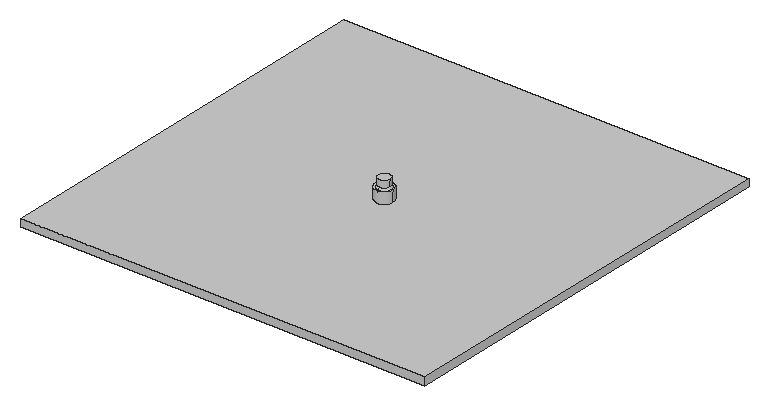
Revit family "SG0086523061CW", category Aparatos sanitarios, Revit 2019
Family settings
  Anfitrión = Techo
  Cota de conector redondo = Diámetro de uso
  Tipo de pieza = Normal
  Número OmniClass = 23.45.55.17
  Título OmniClass = Mixing Faucets
  Siempre vertical = Sí
  Corte con vacíos al cargar = No
  Compartido = No
  Punto de cálculo de habitación = No
Parameters (values of type "REGADERA CUADRADA ABS 25 X 25 CM")
  Ø agua = 15.0 mm
  _EDESA_Revisado = "Calidad.Planos@edesa.com.ec"
  _EDESA_ Tipo de instalación = "Con brazo de ducha"
  _EDESA_ Tipo = "simple"
  _EDESA_ Sku/código = "SG0086523061CW"
  _EDESA_ Profundidad en cm = 25.0 mm
  _EDESA_ Productos necesarios para instalación = "Brazo de ducha"
  _EDESA_ Productos incluídos = ""
  _EDESA_ Presión del agua recomendada = "20 psi (140 kPa) a 80 psi (550 kPa)"
  _EDESA_ Peso en kg = 0.80 kg
  _EDESA_ Nombre = "REGADERA CUADRADA ABS 25 X 25 CM"
  _EDESA_ Materiales = "Latón"
  _EDESA_ Marca = "BRIGGS"
  _EDESA_ Manual de Instalación = "https://www.briggs.com.ec/productos/instructivos/Briggs/Griferia/Regadera_con_brazo.pdf"
  _EDESA_ Garantía = "De por vida para el cuerpo principal y acabado en cromo (306)"
  _EDESA_ Ficha Técnica = "https://www.briggs.com.ec/productos/fichastecnicaspdf/Briggs/Griferia/Regadera_cuadrada_ABS_25_x_25.pdf"
  _EDESA_ Descripción = "Regadera de ducha."
  _EDESA_ Cumple normativa ADA = ""
  _EDESA_ Contacto comercial = "(02) 395 2900"
  _EDESA_ Consumo/capacidad de agua en L = "Regadera 9.5 litros por minuto / 2.5 gpm"
  _EDESA_ Consumo de agua = "9.5 litros por minuto / 2.5 gpm"
  _EDESA_ Conexión hidráulica = "Entrada de agua: tubería ø 1/2\""
  _EDESA_ Color = "cromo"
  _EDESA_ Certificación = "Cumple con norma NTE - INEN 3123 basada en la norma ASME 112.18.1 - 2012."
  _EDESA_ Caída de agua = "Chorro tipo lluvia con restrictor de caudal"
  _EDESA_ Categoría = "Productos > Grifería > Ducha"
  _EDESA_ BIM Manager = "Ing. Evelyn Gavilanez"
  _EDESA_ Autor BIM = "http://www1.veraquintana.net/_sitevq/"
  _EDESA_ Ancho en cm = 25.0 mm
  _EDESA_ Alto en cm = 5.7 mm
  Uniformat II Description = ""
  Omniclass Code = "23.45.55.17"
  Bronce = Bronce
  Ancho = 800.0 mm
Reference planes
  plane 1 "Centro (Frontal/Posterior)": y = 0
  plane 2 "Techo": z = 2438.4
  plane 3 "Centro (Izquierda/Derecha)": x = 0
  plane 4: x = -400
  plane 5: x = 400
  plane 6: y = 400
  plane 7: y = -400
  plane 8: z = 2421.4
  plane 9: z = 2400.4
  plane 10: z = 2385.4
  plane 11: z = 2426.4
Forms (mm)
  Blend 1, solid, material "Bronce" <- "Bronce"
    base sketch origin (0, 0, 2438.4) x (1, 0, 0) y (0, 1, 0)
      loop
        line (400, 400) -> (-400, 400) -> (-400, -400) -> (400, -400) -> (400, 400)
    top sketch origin (0, 0, 2438.4) x (1, 0, 0) y (0, 1, 0)
      loop
        line (400, 400) -> (-400, 400) -> (-400, -400) -> (400, -400) -> (400, 400)
    from -53 to -38
  Extrusion 2, solid, material "Bronce" <- "Bronce"
    sketch origin (-38.903, 13.574, 2438.4) x (1, 0, 0) y (0, 1, 0)
      loop
        circle (-336.097, 361.426) r 1
    from -53.305 to -53
  Extrusion 3, solid, material "Bronce" <- "Bronce"
    sketch origin (0, 0, 2438.4) x (1, 0, 0) y (0, 1, 0)
      loop
        circle (-375, 375) r 0.896
    from -53.558 to -53.305
  Extrusion 4, solid, material "Bronce" <- "Bronce"
    sketch origin (-13.903, 13.574, 2438.4) x (1, 0, 0) y (0, 1, 0)
      loop
        circle (-336.097, 361.426) r 1
    from -53.305 to -53
  Extrusion 5, solid, material "Bronce" <- "Bronce"
    sketch origin (25, 0, 2438.4) x (1, 0, 0) y (0, 1, 0)
      loop
        circle (-375, 375) r 0.896
    from -53.558 to -53.305
  Extrusion 6, solid, material "Bronce" <- "Bronce"
    sketch origin (11.097, 13.574, 2438.4) x (1, 0, 0) y (0, 1, 0)
      loop
        circle (-336.097, 361.426) r 1
    from -53.305 to -53
  Extrusion 7, solid, material "Bronce" <- "Bronce"
    sketch origin (50, 0, 2438.4) x (1, 0, 0) y (0, 1, 0)
      loop
        circle (-375, 375) r 0.896
    from -53.558 to -53.305
  Extrusion 8, solid, material "Bronce" <- "Bronce"
    sketch origin (36.097, 13.574, 2438.4) x (1, 0, 0) y (0, 1, 0)
      loop
        circle (-336.097, 361.426) r 1
    from -53.305 to -53
  Extrusion 9, solid, material "Bronce" <- "Bronce"
    sketch origin (75, 0, 2438.4) x (1, 0, 0) y (0, 1, 0)
      loop
        circle (-375, 375) r 0.896
    from -53.558 to -53.305
  Extrusion 10, solid, material "Bronce" <- "Bronce"
    sketch origin (61.097, 13.574, 2438.4) x (1, 0, 0) y (0, 1, 0)
      loop
        circle (-336.097, 361.426) r 1
    from -53.305 to -53
  Extrusion 11, solid, material "Bronce" <- "Bronce"
    sketch origin (100, 0, 2438.4) x (1, 0, 0) y (0, 1, 0)
      loop
        circle (-375, 375) r 0.896
    from -53.558 to -53.305
  Extrusion 12, solid, material "Bronce" <- "Bronce"
    sketch origin (86.097, 13.574, 2438.4) x (1, 0, 0) y (0, 1, 0)
      loop
        circle (-336.097, 361.426) r 1
    from -53.305 to -53
  Extrusion 13, solid, material "Bronce" <- "Bronce"
    sketch origin (125, 0, 2438.4) x (1, 0, 0) y (0, 1, 0)
      loop
        circle (-375, 375) r 0.896
    from -53.558 to -53.305
  Extrusion 14, solid, material "Bronce" <- "Bronce"
    sketch origin (111.097, 13.574, 2438.4) x (1, 0, 0) y (0, 1, 0)
      loop
        circle (-336.097, 361.426) r 1
    from -53.305 to -53
  Extrusion 15, solid, material "Bronce" <- "Bronce"
    sketch origin (150, 0, 2438.4) x (1, 0, 0) y (0, 1, 0)
      loop
        circle (-375, 375) r 0.896
    from -53.558 to -53.305
  Extrusion 16, solid, material "Bronce" <- "Bronce"
    sketch origin (136.097, 13.574, 2438.4) x (1, 0, 0) y (0, 1, 0)
      loop
        circle (-336.097, 361.426) r 1
    from -53.305 to -53
  Extrusion 17, solid, material "Bronce" <- "Bronce"
    sketch origin (175, 0, 2438.4) x (1, 0, 0) y (0, 1, 0)
      loop
        circle (-375, 375) r 0.896
    from -53.558 to -53.305
  Extrusion 18, solid, material "Bronce" <- "Bronce"
    sketch origin (161.097, 13.574, 2438.4) x (1, 0, 0) y (0, 1, 0)
      loop
        circle (-336.097, 361.426) r 1
    from -53.305 to -53
  Extrusion 19, solid, material "Bronce" <- "Bronce"
    sketch origin (200, 0, 2438.4) x (1, 0, 0) y (0, 1, 0)
      loop
        circle (-375, 375) r 0.896
    from -53.558 to -53.305
  Extrusion 20, solid, material "Bronce" <- "Bronce"
    sketch origin (186.097, 13.574, 2438.4) x (1, 0, 0) y (0, 1, 0)
      loop
        circle (-336.097, 361.426) r 1
    from -53.305 to -53
  Extrusion 21, solid, material "Bronce" <- "Bronce"
    sketch origin (225, 0, 2438.4) x (1, 0, 0) y (0, 1, 0)
      loop
        circle (-375, 375) r 0.896
    from -53.558 to -53.305
  Extrusion 22, solid, material "Bronce" <- "Bronce"
    sketch origin (211.097, 13.574, 2438.4) x (1, 0, 0) y (0, 1, 0)
      loop
        circle (-336.097, 361.426) r 1
    from -53.305 to -53
  Extrusion 23, solid, material "Bronce" <- "Bronce"
    sketch origin (250, 0, 2438.4) x (1, 0, 0) y (0, 1, 0)
      loop
        circle (-375, 375) r 0.896
    from -53.558 to -53.305
  Extrusion 24, solid, material "Bronce" <- "Bronce"
    sketch origin (236.097, 13.574, 2438.4) x (1, 0, 0) y (0, 1, 0)
      loop
        circle (-336.097, 361.426) r 1
    from -53.305 to -53
  Extrusion 25, solid, material "Bronce" <- "Bronce"
    sketch origin (275, 0, 2438.4) x (1, 0, 0) y (0, 1, 0)
      loop
        circle (-375, 375) r 0.896
    from -53.558 to -53.305
  Extrusion 26, solid, material "Bronce" <- "Bronce"
    sketch origin (261.097, 13.574, 2438.4) x (1, 0, 0) y (0, 1, 0)
      loop
        circle (-336.097, 361.426) r 1
    from -53.305 to -53
  Extrusion 27, solid, material "Bronce" <- "Bronce"
    sketch origin (300, 0, 2438.4) x (1, 0, 0) y (0, 1, 0)
      loop
        circle (-375, 375) r 0.896
    from -53.558 to -53.305
  Extrusion 28, solid, material "Bronce" <- "Bronce"
    sketch origin (286.097, 13.574, 2438.4) x (1, 0, 0) y (0, 1, 0)
      loop
        circle (-336.097, 361.426) r 1
    from -53.305 to -53
  Extrusion 29, solid, material "Bronce" <- "Bronce"
    sketch origin (325, 0, 2438.4) x (1, 0, 0) y (0, 1, 0)
      loop
        circle (-375, 375) r 0.896
    from -53.558 to -53.305
  Extrusion 30, solid, material "Bronce" <- "Bronce"
    sketch origin (311.097, 13.574, 2438.4) x (1, 0, 0) y (0, 1, 0)
      loop
        circle (-336.097, 361.426) r 1
    from -53.305 to -53
  Extrusion 31, solid, material "Bronce" <- "Bronce"
    sketch origin (350, 0, 2438.4) x (1, 0, 0) y (0, 1, 0)
      loop
        circle (-375, 375) r 0.896
    from -53.558 to -53.305
  Extrusion 32, solid, material "Bronce" <- "Bronce"
    sketch origin (336.097, 13.574, 2438.4) x (1, 0, 0) y (0, 1, 0)
      loop
        circle (-336.097, 361.426) r 1
    from -53.305 to -53
  Extrusion 33, solid, material "Bronce" <- "Bronce"
    sketch origin (375, 0, 2438.4) x (1, 0, 0) y (0, 1, 0)
      loop
        circle (-375, 375) r 0.896
    from -53.558 to -53.305
  Extrusion 34, solid, material "Bronce" <- "Bronce"
    sketch origin (361.097, 13.574, 2438.4) x (1, 0, 0) y (0, 1, 0)
      loop
        circle (-336.097, 361.426) r 1
    from -53.305 to -53
  Extrusion 35, solid, material "Bronce" <- "Bronce"
    sketch origin (400, 0, 2438.4) x (1, 0, 0) y (0, 1, 0)
      loop
        circle (-375, 375) r 0.896
    from -53.558 to -53.305
  Extrusion 36, solid, material "Bronce" <- "Bronce"
    sketch origin (386.097, 13.574, 2438.4) x (1, 0, 0) y (0, 1, 0)
      loop
        circle (-336.097, 361.426) r 1
    from -53.305 to -53
  Extrusion 37, solid, material "Bronce" <- "Bronce"
    sketch origin (425, 0, 2438.4) x (1, 0, 0) y (0, 1, 0)
      loop
        circle (-375, 375) r 0.896
    from -53.558 to -53.305
  Extrusion 38, solid, material "Bronce" <- "Bronce"
    sketch origin (411.097, 13.574, 2438.4) x (1, 0, 0) y (0, 1, 0)
      loop
        circle (-336.097, 361.426) r 1
    from -53.305 to -53
  Extrusion 39, solid, material "Bronce" <- "Bronce"
    sketch origin (450, 0, 2438.4) x (1, 0, 0) y (0, 1, 0)
      loop
        circle (-375, 375) r 0.896
    from -53.558 to -53.305
  Extrusion 40, solid, material "Bronce" <- "Bronce"
    sketch origin (436.097, 13.574, 2438.4) x (1, 0, 0) y (0, 1, 0)
      loop
        circle (-336.097, 361.426) r 1
    from -53.305 to -53
  Extrusion 41, solid, material "Bronce" <- "Bronce"
    sketch origin (475, 0, 2438.4) x (1, 0, 0) y (0, 1, 0)
      loop
        circle (-375, 375) r 0.896
    from -53.558 to -53.305
  Extrusion 42, solid, material "Bronce" <- "Bronce"
    sketch origin (461.097, 13.574, 2438.4) x (1, 0, 0) y (0, 1, 0)
      loop
        circle (-336.097, 361.426) r 1
    from -53.305 to -53
  Extrusion 43, solid, material "Bronce" <- "Bronce"
    sketch origin (500, 0, 2438.4) x (1, 0, 0) y (0, 1, 0)
      loop
        circle (-375, 375) r 0.896
    from -53.558 to -53.305
  Extrusion 44, solid, material "Bronce" <- "Bronce"
    sketch origin (486.097, 13.574, 2438.4) x (1, 0, 0) y (0, 1, 0)
      loop
        circle (-336.097, 361.426) r 1
    from -53.305 to -53
  Extrusion 45, solid, material "Bronce" <- "Bronce"
    sketch origin (525, 0, 2438.4) x (1, 0, 0) y (0, 1, 0)
      loop
        circle (-375, 375) r 0.896
    from -53.558 to -53.305
  Extrusion 46, solid, material "Bronce" <- "Bronce"
    sketch origin (511.097, 13.574, 2438.4) x (1, 0, 0) y (0, 1, 0)
      loop
        circle (-336.097, 361.426) r 1
    from -53.305 to -53
  Extrusion 47, solid, material "Bronce" <- "Bronce"
    sketch origin (550, 0, 2438.4) x (1, 0, 0) y (0, 1, 0)
      loop
        circle (-375, 375) r 0.896
    from -53.558 to -53.305
  Extrusion 48, solid, material "Bronce" <- "Bronce"
    sketch origin (536.097, 13.574, 2438.4) x (1, 0, 0) y (0, 1, 0)
      loop
        circle (-336.097, 361.426) r 1
    from -53.305 to -53
  Extrusion 49, solid, material "Bronce" <- "Bronce"
    sketch origin (575, 0, 2438.4) x (1, 0, 0) y (0, 1, 0)
      loop
        circle (-375, 375) r 0.896
    from -53.558 to -53.305
  Extrusion 50, solid, material "Bronce" <- "Bronce"
    sketch origin (561.097, 13.574, 2438.4) x (1, 0, 0) y (0, 1, 0)
      loop
        circle (-336.097, 361.426) r 1
    from -53.305 to -53
  Extrusion 51, solid, material "Bronce" <- "Bronce"
    sketch origin (600, 0, 2438.4) x (1, 0, 0) y (0, 1, 0)
      loop
        circle (-375, 375) r 0.896
    from -53.558 to -53.305
  Extrusion 52, solid, material "Bronce" <- "Bronce"
    sketch origin (586.097, 13.574, 2438.4) x (1, 0, 0) y (0, 1, 0)
      loop
        circle (-336.097, 361.426) r 1
    from -53.305 to -53
  Extrusion 53, solid, material "Bronce" <- "Bronce"
    sketch origin (625, 0, 2438.4) x (1, 0, 0) y (0, 1, 0)
      loop
        circle (-375, 375) r 0.896
    from -53.558 to -53.305
  Extrusion 54, solid, material "Bronce" <- "Bronce"
    sketch origin (611.097, 13.574, 2438.4) x (1, 0, 0) y (0, 1, 0)
      loop
        circle (-336.097, 361.426) r 1
    from -53.305 to -53
  Extrusion 55, solid, material "Bronce" <- "Bronce"
    sketch origin (650, 0, 2438.4) x (1, 0, 0) y (0, 1, 0)
      loop
        circle (-375, 375) r 0.896
    from -53.558 to -53.305
  Extrusion 56, solid, material "Bronce" <- "Bronce"
    sketch origin (636.097, 13.574, 2438.4) x (1, 0, 0) y (0, 1, 0)
      loop
        circle (-336.097, 361.426) r 1
    from -53.305 to -53
  Extrusion 57, solid, material "Bronce" <- "Bronce"
    sketch origin (675, 0, 2438.4) x (1, 0, 0) y (0, 1, 0)
      loop
        circle (-375, 375) r 0.896
    from -53.558 to -53.305
  Extrusion 58, solid, material "Bronce" <- "Bronce"
    sketch origin (661.097, 13.574, 2438.4) x (1, 0, 0) y (0, 1, 0)
      loop
        circle (-336.097, 361.426) r 1
    from -53.305 to -53
  Extrusion 59, solid, material "Bronce" <- "Bronce"
    sketch origin (700, 0, 2438.4) x (1, 0, 0) y (0, 1, 0)
      loop
        circle (-375, 375) r 0.896
    from -53.558 to -53.305
  Extrusion 60, solid, material "Bronce" <- "Bronce"
    sketch origin (686.097, 13.574, 2438.4) x (1, 0, 0) y (0, 1, 0)
      loop
        circle (-336.097, 361.426) r 1
    from -53.305 to -53
  Extrusion 61, solid, material "Bronce" <- "Bronce"
    sketch origin (725, 0, 2438.4) x (1, 0, 0) y (0, 1, 0)
      loop
        circle (-375, 375) r 0.896
    from -53.558 to -53.305
  Extrusion 62, solid, material "Bronce" <- "Bronce"
    sketch origin (711.097, 13.574, 2438.4) x (1, 0, 0) y (0, 1, 0)
      loop
        circle (-336.097, 361.426) r 1
    from -53.305 to -53
  Extrusion 63, solid, material "Bronce" <- "Bronce"
    sketch origin (750, 0, 2438.4) x (1, 0, 0) y (0, 1, 0)
      loop
        circle (-375, 375) r 0.896
    from -53.558 to -53.305
  Extrusion 64, solid, not visible
    sketch origin (-38.903, 13.574, 2438.4) x (1, 0, 0) y (0, 1, 0)
      loop
        circle (-336.097, 361.426) r 1
    from -53.305 to -53
  Extrusion 65, solid, not visible
    sketch origin (0, 0, 2438.4) x (1, 0, 0) y (0, 1, 0)
      loop
        circle (-375, 375) r 0.896
    from -53.558 to -53.305
  Extrusion 66, solid, material "Bronce" <- "Bronce"
    sketch origin (-38.903, -11.426, 2438.4) x (1, 0, 0) y (0, 1, 0)
      loop
        circle (-336.097, 361.426) r 1
    from -53.305 to -53
  Extrusion 67, solid, material "Bronce" <- "Bronce"
    sketch origin (0, -25, 2438.4) x (1, 0, 0) y (0, 1, 0)
      loop
        circle (-375, 375) r 0.896
    from -53.558 to -53.305
  Extrusion 68, solid, material "Bronce" <- "Bronce"
    sketch origin (-13.903, -11.426, 2438.4) x (1, 0, 0) y (0, 1, 0)
      loop
        circle (-336.097, 361.426) r 1
    from -53.305 to -53
  Extrusion 69, solid, material "Bronce" <- "Bronce"
    sketch origin (25, -25, 2438.4) x (1, 0, 0) y (0, 1, 0)
      loop
        circle (-375, 375) r 0.896
    from -53.558 to -53.305
  Extrusion 70, solid, material "Bronce" <- "Bronce"
    sketch origin (11.097, -11.426, 2438.4) x (1, 0, 0) y (0, 1, 0)
      loop
        circle (-336.097, 361.426) r 1
    from -53.305 to -53
  Extrusion 71, solid, material "Bronce" <- "Bronce"
    sketch origin (50, -25, 2438.4) x (1, 0, 0) y (0, 1, 0)
      loop
        circle (-375, 375) r 0.896
    from -53.558 to -53.305
  Extrusion 72, solid, material "Bronce" <- "Bronce"
    sketch origin (36.097, -11.426, 2438.4) x (1, 0, 0) y (0, 1, 0)
      loop
        circle (-336.097, 361.426) r 1
    from -53.305 to -53
  Extrusion 73, solid, material "Bronce" <- "Bronce"
    sketch origin (75, -25, 2438.4) x (1, 0, 0) y (0, 1, 0)
      loop
        circle (-375, 375) r 0.896
    from -53.558 to -53.305
  Extrusion 74, solid, material "Bronce" <- "Bronce"
    sketch origin (61.097, -11.426, 2438.4) x (1, 0, 0) y (0, 1, 0)
      loop
        circle (-336.097, 361.426) r 1
    from -53.305 to -53
  Extrusion 75, solid, material "Bronce" <- "Bronce"
    sketch origin (100, -25, 2438.4) x (1, 0, 0) y (0, 1, 0)
      loop
        circle (-375, 375) r 0.896
    from -53.558 to -53.305
  Extrusion 76, solid, material "Bronce" <- "Bronce"
    sketch origin (86.097, -11.426, 2438.4) x (1, 0, 0) y (0, 1, 0)
      loop
        circle (-336.097, 361.426) r 1
    from -53.305 to -53
  Extrusion 77, solid, material "Bronce" <- "Bronce"
    sketch origin (125, -25, 2438.4) x (1, 0, 0) y (0, 1, 0)
      loop
        circle (-375, 375) r 0.896
    from -53.558 to -53.305
  Extrusion 78, solid, material "Bronce" <- "Bronce"
    sketch origin (111.097, -11.426, 2438.4) x (1, 0, 0) y (0, 1, 0)
      loop
        circle (-336.097, 361.426) r 1
    from -53.305 to -53
  Extrusion 79, solid, material "Bronce" <- "Bronce"
    sketch origin (150, -25, 2438.4) x (1, 0, 0) y (0, 1, 0)
      loop
        circle (-375, 375) r 0.896
    from -53.558 to -53.305
  Extrusion 80, solid, material "Bronce" <- "Bronce"
    sketch origin (136.097, -11.426, 2438.4) x (1, 0, 0) y (0, 1, 0)
      loop
        circle (-336.097, 361.426) r 1
    from -53.305 to -53
  Extrusion 81, solid, material "Bronce" <- "Bronce"
    sketch origin (175, -25, 2438.4) x (1, 0, 0) y (0, 1, 0)
      loop
        circle (-375, 375) r 0.896
    from -53.558 to -53.305
  Extrusion 82, solid, material "Bronce" <- "Bronce"
    sketch origin (161.097, -11.426, 2438.4) x (1, 0, 0) y (0, 1, 0)
      loop
        circle (-336.097, 361.426) r 1
    from -53.305 to -53
  Extrusion 83, solid, material "Bronce" <- "Bronce"
    sketch origin (200, -25, 2438.4) x (1, 0, 0) y (0, 1, 0)
      loop
        circle (-375, 375) r 0.896
    from -53.558 to -53.305
  Extrusion 84, solid, material "Bronce" <- "Bronce"
    sketch origin (186.097, -11.426, 2438.4) x (1, 0, 0) y (0, 1, 0)
      loop
        circle (-336.097, 361.426) r 1
    from -53.305 to -53
  Extrusion 85, solid, material "Bronce" <- "Bronce"
    sketch origin (225, -25, 2438.4) x (1, 0, 0) y (0, 1, 0)
      loop
        circle (-375, 375) r 0.896
    from -53.558 to -53.305
  Extrusion 86, solid, material "Bronce" <- "Bronce"
    sketch origin (211.097, -11.426, 2438.4) x (1, 0, 0) y (0, 1, 0)
      loop
        circle (-336.097, 361.426) r 1
    from -53.305 to -53
  Extrusion 87, solid, material "Bronce" <- "Bronce"
    sketch origin (250, -25, 2438.4) x (1, 0, 0) y (0, 1, 0)
      loop
        circle (-375, 375) r 0.896
    from -53.558 to -53.305
  Extrusion 88, solid, material "Bronce" <- "Bronce"
    sketch origin (236.097, -11.426, 2438.4) x (1, 0, 0) y (0, 1, 0)
      loop
        circle (-336.097, 361.426) r 1
    from -53.305 to -53
  Extrusion 89, solid, material "Bronce" <- "Bronce"
    sketch origin (275, -25, 2438.4) x (1, 0, 0) y (0, 1, 0)
      loop
        circle (-375, 375) r 0.896
    from -53.558 to -53.305
  Extrusion 90, solid, material "Bronce" <- "Bronce"
    sketch origin (261.097, -11.426, 2438.4) x (1, 0, 0) y (0, 1, 0)
      loop
        circle (-336.097, 361.426) r 1
    from -53.305 to -53
  Extrusion 91, solid, material "Bronce" <- "Bronce"
    sketch origin (300, -25, 2438.4) x (1, 0, 0) y (0, 1, 0)
      loop
        circle (-375, 375) r 0.896
    from -53.558 to -53.305
  Extrusion 92, solid, material "Bronce" <- "Bronce"
    sketch origin (286.097, -11.426, 2438.4) x (1, 0, 0) y (0, 1, 0)
      loop
        circle (-336.097, 361.426) r 1
    from -53.305 to -53
  Extrusion 93, solid, material "Bronce" <- "Bronce"
    sketch origin (325, -25, 2438.4) x (1, 0, 0) y (0, 1, 0)
      loop
        circle (-375, 375) r 0.896
    from -53.558 to -53.305
  Extrusion 94, solid, material "Bronce" <- "Bronce"
    sketch origin (311.097, -11.426, 2438.4) x (1, 0, 0) y (0, 1, 0)
      loop
        circle (-336.097, 361.426) r 1
    from -53.305 to -53
  Extrusion 95, solid, material "Bronce" <- "Bronce"
    sketch origin (350, -25, 2438.4) x (1, 0, 0) y (0, 1, 0)
      loop
        circle (-375, 375) r 0.896
    from -53.558 to -53.305
  Extrusion 96, solid, material "Bronce" <- "Bronce"
    sketch origin (336.097, -11.426, 2438.4) x (1, 0, 0) y (0, 1, 0)
      loop
        circle (-336.097, 361.426) r 1
    from -53.305 to -53
  Extrusion 97, solid, material "Bronce" <- "Bronce"
    sketch origin (375, -25, 2438.4) x (1, 0, 0) y (0, 1, 0)
      loop
        circle (-375, 375) r 0.896
    from -53.558 to -53.305
  Extrusion 98, solid, material "Bronce" <- "Bronce"
    sketch origin (361.097, -11.426, 2438.4) x (1, 0, 0) y (0, 1, 0)
      loop
        circle (-336.097, 361.426) r 1
    from -53.305 to -53
  Extrusion 99, solid, material "Bronce" <- "Bronce"
    sketch origin (400, -25, 2438.4) x (1, 0, 0) y (0, 1, 0)
      loop
        circle (-375, 375) r 0.896
    from -53.558 to -53.305
  Extrusion 100, solid, material "Bronce" <- "Bronce"
    sketch origin (386.097, -11.426, 2438.4) x (1, 0, 0) y (0, 1, 0)
      loop
        circle (-336.097, 361.426) r 1
    from -53.305 to -53
  Extrusion 101, solid, material "Bronce" <- "Bronce"
    sketch origin (425, -25, 2438.4) x (1, 0, 0) y (0, 1, 0)
      loop
        circle (-375, 375) r 0.896
    from -53.558 to -53.305
  Extrusion 102, solid, material "Bronce" <- "Bronce"
    sketch origin (411.097, -11.426, 2438.4) x (1, 0, 0) y (0, 1, 0)
      loop
        circle (-336.097, 361.426) r 1
    from -53.305 to -53
  Extrusion 103, solid, material "Bronce" <- "Bronce"
    sketch origin (450, -25, 2438.4) x (1, 0, 0) y (0, 1, 0)
      loop
        circle (-375, 375) r 0.896
    from -53.558 to -53.305
  Extrusion 104, solid, material "Bronce" <- "Bronce"
    sketch origin (436.097, -11.426, 2438.4) x (1, 0, 0) y (0, 1, 0)
      loop
        circle (-336.097, 361.426) r 1
    from -53.305 to -53
  Extrusion 105, solid, material "Bronce" <- "Bronce"
    sketch origin (475, -25, 2438.4) x (1, 0, 0) y (0, 1, 0)
      loop
        circle (-375, 375) r 0.896
    from -53.558 to -53.305
  Extrusion 106, solid, material "Bronce" <- "Bronce"
    sketch origin (461.097, -11.426, 2438.4) x (1, 0, 0) y (0, 1, 0)
      loop
        circle (-336.097, 361.426) r 1
    from -53.305 to -53
  Extrusion 107, solid, material "Bronce" <- "Bronce"
    sketch origin (500, -25, 2438.4) x (1, 0, 0) y (0, 1, 0)
      loop
        circle (-375, 375) r 0.896
    from -53.558 to -53.305
  Extrusion 108, solid, material "Bronce" <- "Bronce"
    sketch origin (486.097, -11.426, 2438.4) x (1, 0, 0) y (0, 1, 0)
      loop
        circle (-336.097, 361.426) r 1
    from -53.305 to -53
  Extrusion 109, solid, material "Bronce" <- "Bronce"
    sketch origin (525, -25, 2438.4) x (1, 0, 0) y (0, 1, 0)
      loop
        circle (-375, 375) r 0.896
    from -53.558 to -53.305
  Extrusion 110, solid, material "Bronce" <- "Bronce"
    sketch origin (511.097, -11.426, 2438.4) x (1, 0, 0) y (0, 1, 0)
      loop
        circle (-336.097, 361.426) r 1
    from -53.305 to -53
  Extrusion 111, solid, material "Bronce" <- "Bronce"
    sketch origin (550, -25, 2438.4) x (1, 0, 0) y (0, 1, 0)
      loop
        circle (-375, 375) r 0.896
    from -53.558 to -53.305
  Extrusion 112, solid, material "Bronce" <- "Bronce"
    sketch origin (536.097, -11.426, 2438.4) x (1, 0, 0) y (0, 1, 0)
      loop
        circle (-336.097, 361.426) r 1
    from -53.305 to -53
  Extrusion 113, solid, material "Bronce" <- "Bronce"
    sketch origin (575, -25, 2438.4) x (1, 0, 0) y (0, 1, 0)
      loop
        circle (-375, 375) r 0.896
    from -53.558 to -53.305
  Extrusion 114, solid, material "Bronce" <- "Bronce"
    sketch origin (561.097, -11.426, 2438.4) x (1, 0, 0) y (0, 1, 0)
      loop
        circle (-336.097, 361.426) r 1
    from -53.305 to -53
  Extrusion 115, solid, material "Bronce" <- "Bronce"
    sketch origin (600, -25, 2438.4) x (1, 0, 0) y (0, 1, 0)
      loop
        circle (-375, 375) r 0.896
    from -53.558 to -53.305
  Extrusion 116, solid, material "Bronce" <- "Bronce"
    sketch origin (586.097, -11.426, 2438.4) x (1, 0, 0) y (0, 1, 0)
      loop
        circle (-336.097, 361.426) r 1
    from -53.305 to -53
  Extrusion 117, solid, material "Bronce" <- "Bronce"
    sketch origin (625, -25, 2438.4) x (1, 0, 0) y (0, 1, 0)
      loop
        circle (-375, 375) r 0.896
    from -53.558 to -53.305
  Extrusion 118, solid, material "Bronce" <- "Bronce"
    sketch origin (611.097, -11.426, 2438.4) x (1, 0, 0) y (0, 1, 0)
      loop
        circle (-336.097, 361.426) r 1
    from -53.305 to -53
  Extrusion 119, solid, material "Bronce" <- "Bronce"
    sketch origin (650, -25, 2438.4) x (1, 0, 0) y (0, 1, 0)
      loop
        circle (-375, 375) r 0.896
    from -53.558 to -53.305
  Extrusion 120, solid, material "Bronce" <- "Bronce"
    sketch origin (636.097, -11.426, 2438.4) x (1, 0, 0) y (0, 1, 0)
      loop
        circle (-336.097, 361.426) r 1
    from -53.305 to -53
  Extrusion 121, solid, material "Bronce" <- "Bronce"
    sketch origin (675, -25, 2438.4) x (1, 0, 0) y (0, 1, 0)
      loop
        circle (-375, 375) r 0.896
    from -53.558 to -53.305
  Extrusion 122, solid, material "Bronce" <- "Bronce"
    sketch origin (661.097, -11.426, 2438.4) x (1, 0, 0) y (0, 1, 0)
      loop
        circle (-336.097, 361.426) r 1
    from -53.305 to -53
  Extrusion 123, solid, material "Bronce" <- "Bronce"
    sketch origin (700, -25, 2438.4) x (1, 0, 0) y (0, 1, 0)
      loop
        circle (-375, 375) r 0.896
    from -53.558 to -53.305
  Extrusion 124, solid, material "Bronce" <- "Bronce"
    sketch origin (686.097, -11.426, 2438.4) x (1, 0, 0) y (0, 1, 0)
      loop
        circle (-336.097, 361.426) r 1
    from -53.305 to -53
  Extrusion 125, solid, material "Bronce" <- "Bronce"
    sketch origin (725, -25, 2438.4) x (1, 0, 0) y (0, 1, 0)
      loop
        circle (-375, 375) r 0.896
    from -53.558 to -53.305
  Extrusion 126, solid, material "Bronce" <- "Bronce"
    sketch origin (711.097, -11.426, 2438.4) x (1, 0, 0) y (0, 1, 0)
      loop
        circle (-336.097, 361.426) r 1
    from -53.305 to -53
  Extrusion 127, solid, material "Bronce" <- "Bronce"
    sketch origin (750, -25, 2438.4) x (1, 0, 0) y (0, 1, 0)
      loop
        circle (-375, 375) r 0.896
    from -53.558 to -53.305
  Extrusion 128, solid, material "Bronce" <- "Bronce"
    sketch origin (-38.903, -36.426, 2438.4) x (1, 0, 0) y (0, 1, 0)
      loop
        circle (-336.097, 361.426) r 1
    from -53.305 to -53
  Extrusion 129, solid, material "Bronce" <- "Bronce"
    sketch origin (0, -50, 2438.4) x (1, 0, 0) y (0, 1, 0)
      loop
        circle (-375, 375) r 0.896
    from -53.558 to -53.305
  Extrusion 130, solid, material "Bronce" <- "Bronce"
    sketch origin (-13.903, -36.426, 2438.4) x (1, 0, 0) y (0, 1, 0)
      loop
        circle (-336.097, 361.426) r 1
    from -53.305 to -53
  Extrusion 131, solid, material "Bronce" <- "Bronce"
    sketch origin (25, -50, 2438.4) x (1, 0, 0) y (0, 1, 0)
      loop
        circle (-375, 375) r 0.896
    from -53.558 to -53.305
  Extrusion 132, solid, material "Bronce" <- "Bronce"
    sketch origin (11.097, -36.426, 2438.4) x (1, 0, 0) y (0, 1, 0)
      loop
        circle (-336.097, 361.426) r 1
    from -53.305 to -53
  Extrusion 133, solid, material "Bronce" <- "Bronce"
    sketch origin (50, -50, 2438.4) x (1, 0, 0) y (0, 1, 0)
      loop
        circle (-375, 375) r 0.896
    from -53.558 to -53.305
  Extrusion 134, solid, material "Bronce" <- "Bronce"
    sketch origin (36.097, -36.426, 2438.4) x (1, 0, 0) y (0, 1, 0)
      loop
        circle (-336.097, 361.426) r 1
    from -53.305 to -53
  Extrusion 135, solid, material "Bronce" <- "Bronce"
    sketch origin (75, -50, 2438.4) x (1, 0, 0) y (0, 1, 0)
      loop
        circle (-375, 375) r 0.896
    from -53.558 to -53.305
  Extrusion 136, solid, material "Bronce" <- "Bronce"
    sketch origin (61.097, -36.426, 2438.4) x (1, 0, 0) y (0, 1, 0)
      loop
        circle (-336.097, 361.426) r 1
    from -53.305 to -53
  Extrusion 137, solid, material "Bronce" <- "Bronce"
    sketch origin (100, -50, 2438.4) x (1, 0, 0) y (0, 1, 0)
      loop
        circle (-375, 375) r 0.896
    from -53.558 to -53.305
  Extrusion 138, solid, material "Bronce" <- "Bronce"
    sketch origin (86.097, -36.426, 2438.4) x (1, 0, 0) y (0, 1, 0)
      loop
        circle (-336.097, 361.426) r 1
    from -53.305 to -53
  Extrusion 139, solid, material "Bronce" <- "Bronce"
    sketch origin (125, -50, 2438.4) x (1, 0, 0) y (0, 1, 0)
      loop
        circle (-375, 375) r 0.896
    from -53.558 to -53.305
  Extrusion 140, solid, material "Bronce" <- "Bronce"
    sketch origin (111.097, -36.426, 2438.4) x (1, 0, 0) y (0, 1, 0)
      loop
        circle (-336.097, 361.426) r 1
    from -53.305 to -53
  Extrusion 141, solid, material "Bronce" <- "Bronce"
    sketch origin (150, -50, 2438.4) x (1, 0, 0) y (0, 1, 0)
      loop
        circle (-375, 375) r 0.896
    from -53.558 to -53.305
  Extrusion 142, solid, material "Bronce" <- "Bronce"
    sketch origin (136.097, -36.426, 2438.4) x (1, 0, 0) y (0, 1, 0)
      loop
        circle (-336.097, 361.426) r 1
    from -53.305 to -53
  Extrusion 143, solid, material "Bronce" <- "Bronce"
    sketch origin (175, -50, 2438.4) x (1, 0, 0) y (0, 1, 0)
      loop
        circle (-375, 375) r 0.896
    from -53.558 to -53.305
  Extrusion 144, solid, material "Bronce" <- "Bronce"
    sketch origin (161.097, -36.426, 2438.4) x (1, 0, 0) y (0, 1, 0)
      loop
        circle (-336.097, 361.426) r 1
    from -53.305 to -53
  Extrusion 145, solid, material "Bronce" <- "Bronce"
    sketch origin (200, -50, 2438.4) x (1, 0, 0) y (0, 1, 0)
      loop
        circle (-375, 375) r 0.896
    from -53.558 to -53.305
  Extrusion 146, solid, material "Bronce" <- "Bronce"
    sketch origin (186.097, -36.426, 2438.4) x (1, 0, 0) y (0, 1, 0)
      loop
        circle (-336.097, 361.426) r 1
    from -53.305 to -53
  Extrusion 147, solid, material "Bronce" <- "Bronce"
    sketch origin (225, -50, 2438.4) x (1, 0, 0) y (0, 1, 0)
      loop
        circle (-375, 375) r 0.896
    from -53.558 to -53.305
  Extrusion 148, solid, material "Bronce" <- "Bronce"
    sketch origin (211.097, -36.426, 2438.4) x (1, 0, 0) y (0, 1, 0)
      loop
        circle (-336.097, 361.426) r 1
    from -53.305 to -53
  Extrusion 149, solid, material "Bronce" <- "Bronce"
    sketch origin (250, -50, 2438.4) x (1, 0, 0) y (0, 1, 0)
      loop
        circle (-375, 375) r 0.896
    from -53.558 to -53.305
  Extrusion 150, solid, material "Bronce" <- "Bronce"
    sketch origin (236.097, -36.426, 2438.4) x (1, 0, 0) y (0, 1, 0)
      loop
        circle (-336.097, 361.426) r 1
    from -53.305 to -53
  Extrusion 151, solid, material "Bronce" <- "Bronce"
    sketch origin (275, -50, 2438.4) x (1, 0, 0) y (0, 1, 0)
      loop
        circle (-375, 375) r 0.896
    from -53.558 to -53.305
  Extrusion 152, solid, material "Bronce" <- "Bronce"
    sketch origin (261.097, -36.426, 2438.4) x (1, 0, 0) y (0, 1, 0)
      loop
        circle (-336.097, 361.426) r 1
    from -53.305 to -53
  Extrusion 153, solid, material "Bronce" <- "Bronce"
    sketch origin (300, -50, 2438.4) x (1, 0, 0) y (0, 1, 0)
      loop
        circle (-375, 375) r 0.896
    from -53.558 to -53.305
  Extrusion 154, solid, material "Bronce" <- "Bronce"
    sketch origin (286.097, -36.426, 2438.4) x (1, 0, 0) y (0, 1, 0)
      loop
        circle (-336.097, 361.426) r 1
    from -53.305 to -53
  Extrusion 155, solid, material "Bronce" <- "Bronce"
    sketch origin (325, -50, 2438.4) x (1, 0, 0) y (0, 1, 0)
      loop
        circle (-375, 375) r 0.896
    from -53.558 to -53.305
  Extrusion 156, solid, material "Bronce" <- "Bronce"
    sketch origin (311.097, -36.426, 2438.4) x (1, 0, 0) y (0, 1, 0)
      loop
        circle (-336.097, 361.426) r 1
    from -53.305 to -53
  Extrusion 157, solid, material "Bronce" <- "Bronce"
    sketch origin (350, -50, 2438.4) x (1, 0, 0) y (0, 1, 0)
      loop
        circle (-375, 375) r 0.896
    from -53.558 to -53.305
  Extrusion 158, solid, material "Bronce" <- "Bronce"
    sketch origin (336.097, -36.426, 2438.4) x (1, 0, 0) y (0, 1, 0)
      loop
        circle (-336.097, 361.426) r 1
    from -53.305 to -53
  Extrusion 159, solid, material "Bronce" <- "Bronce"
    sketch origin (375, -50, 2438.4) x (1, 0, 0) y (0, 1, 0)
      loop
        circle (-375, 375) r 0.896
    from -53.558 to -53.305
  Extrusion 160, solid, material "Bronce" <- "Bronce"
    sketch origin (361.097, -36.426, 2438.4) x (1, 0, 0) y (0, 1, 0)
      loop
        circle (-336.097, 361.426) r 1
    from -53.305 to -53
  Extrusion 161, solid, material "Bronce" <- "Bronce"
    sketch origin (400, -50, 2438.4) x (1, 0, 0) y (0, 1, 0)
      loop
        circle (-375, 375) r 0.896
    from -53.558 to -53.305
  Extrusion 162, solid, material "Bronce" <- "Bronce"
    sketch origin (386.097, -36.426, 2438.4) x (1, 0, 0) y (0, 1, 0)
      loop
        circle (-336.097, 361.426) r 1
    from -53.305 to -53
  Extrusion 163, solid, material "Bronce" <- "Bronce"
    sketch origin (425, -50, 2438.4) x (1, 0, 0) y (0, 1, 0)
      loop
        circle (-375, 375) r 0.896
    from -53.558 to -53.305
  Extrusion 164, solid, material "Bronce" <- "Bronce"
    sketch origin (411.097, -36.426, 2438.4) x (1, 0, 0) y (0, 1, 0)
      loop
        circle (-336.097, 361.426) r 1
    from -53.305 to -53
  Extrusion 165, solid, material "Bronce" <- "Bronce"
    sketch origin (450, -50, 2438.4) x (1, 0, 0) y (0, 1, 0)
      loop
        circle (-375, 375) r 0.896
    from -53.558 to -53.305
  Extrusion 166, solid, material "Bronce" <- "Bronce"
    sketch origin (436.097, -36.426, 2438.4) x (1, 0, 0) y (0, 1, 0)
      loop
        circle (-336.097, 361.426) r 1
    from -53.305 to -53
  Extrusion 167, solid, material "Bronce" <- "Bronce"
    sketch origin (475, -50, 2438.4) x (1, 0, 0) y (0, 1, 0)
      loop
        circle (-375, 375) r 0.896
    from -53.558 to -53.305
  Extrusion 168, solid, material "Bronce" <- "Bronce"
    sketch origin (461.097, -36.426, 2438.4) x (1, 0, 0) y (0, 1, 0)
      loop
        circle (-336.097, 361.426) r 1
    from -53.305 to -53
  Extrusion 169, solid, material "Bronce" <- "Bronce"
    sketch origin (500, -50, 2438.4) x (1, 0, 0) y (0, 1, 0)
      loop
        circle (-375, 375) r 0.896
    from -53.558 to -53.305
  Extrusion 170, solid, material "Bronce" <- "Bronce"
    sketch origin (486.097, -36.426, 2438.4) x (1, 0, 0) y (0, 1, 0)
      loop
        circle (-336.097, 361.426) r 1
    from -53.305 to -53
  Extrusion 171, solid, material "Bronce" <- "Bronce"
    sketch origin (525, -50, 2438.4) x (1, 0, 0) y (0, 1, 0)
      loop
        circle (-375, 375) r 0.896
    from -53.558 to -53.305
  Extrusion 172, solid, material "Bronce" <- "Bronce"
    sketch origin (511.097, -36.426, 2438.4) x (1, 0, 0) y (0, 1, 0)
      loop
        circle (-336.097, 361.426) r 1
    from -53.305 to -53
  Extrusion 173, solid, material "Bronce" <- "Bronce"
    sketch origin (550, -50, 2438.4) x (1, 0, 0) y (0, 1, 0)
      loop
        circle (-375, 375) r 0.896
    from -53.558 to -53.305
  Extrusion 174, solid, material "Bronce" <- "Bronce"
    sketch origin (536.097, -36.426, 2438.4) x (1, 0, 0) y (0, 1, 0)
      loop
        circle (-336.097, 361.426) r 1
    from -53.305 to -53
  Extrusion 175, solid, material "Bronce" <- "Bronce"
    sketch origin (575, -50, 2438.4) x (1, 0, 0) y (0, 1, 0)
      loop
        circle (-375, 375) r 0.896
    from -53.558 to -53.305
  Extrusion 176, solid, material "Bronce" <- "Bronce"
    sketch origin (561.097, -36.426, 2438.4) x (1, 0, 0) y (0, 1, 0)
      loop
        circle (-336.097, 361.426) r 1
    from -53.305 to -53
  Extrusion 177, solid, material "Bronce" <- "Bronce"
    sketch origin (600, -50, 2438.4) x (1, 0, 0) y (0, 1, 0)
      loop
        circle (-375, 375) r 0.896
    from -53.558 to -53.305
  Extrusion 178, solid, material "Bronce" <- "Bronce"
    sketch origin (586.097, -36.426, 2438.4) x (1, 0, 0) y (0, 1, 0)
      loop
        circle (-336.097, 361.426) r 1
    from -53.305 to -53
  Extrusion 179, solid, material "Bronce" <- "Bronce"
    sketch origin (625, -50, 2438.4) x (1, 0, 0) y (0, 1, 0)
      loop
        circle (-375, 375) r 0.896
    from -53.558 to -53.305
  Extrusion 180, solid, material "Bronce" <- "Bronce"
    sketch origin (611.097, -36.426, 2438.4) x (1, 0, 0) y (0, 1, 0)
      loop
        circle (-336.097, 361.426) r 1
    from -53.305 to -53
  Extrusion 181, solid, material "Bronce" <- "Bronce"
    sketch origin (650, -50, 2438.4) x (1, 0, 0) y (0, 1, 0)
      loop
        circle (-375, 375) r 0.896
    from -53.558 to -53.305
  Extrusion 182, solid, material "Bronce" <- "Bronce"
    sketch origin (636.097, -36.426, 2438.4) x (1, 0, 0) y (0, 1, 0)
      loop
        circle (-336.097, 361.426) r 1
    from -53.305 to -53
  Extrusion 183, solid, material "Bronce" <- "Bronce"
    sketch origin (675, -50, 2438.4) x (1, 0, 0) y (0, 1, 0)
      loop
        circle (-375, 375) r 0.896
    from -53.558 to -53.305
  Extrusion 184, solid, material "Bronce" <- "Bronce"
    sketch origin (661.097, -36.426, 2438.4) x (1, 0, 0) y (0, 1, 0)
      loop
        circle (-336.097, 361.426) r 1
    from -53.305 to -53
  Extrusion 185, solid, material "Bronce" <- "Bronce"
    sketch origin (700, -50, 2438.4) x (1, 0, 0) y (0, 1, 0)
      loop
        circle (-375, 375) r 0.896
    from -53.558 to -53.305
  Extrusion 186, solid, material "Bronce" <- "Bronce"
    sketch origin (686.097, -36.426, 2438.4) x (1, 0, 0) y (0, 1, 0)
      loop
        circle (-336.097, 361.426) r 1
    from -53.305 to -53
  Extrusion 187, solid, material "Bronce" <- "Bronce"
    sketch origin (725, -50, 2438.4) x (1, 0, 0) y (0, 1, 0)
      loop
        circle (-375, 375) r 0.896
    from -53.558 to -53.305
  Extrusion 188, solid, material "Bronce" <- "Bronce"
    sketch origin (711.097, -36.426, 2438.4) x (1, 0, 0) y (0, 1, 0)
      loop
        circle (-336.097, 361.426) r 1
    from -53.305 to -53
  Extrusion 189, solid, material "Bronce" <- "Bronce"
    sketch origin (750, -50, 2438.4) x (1, 0, 0) y (0, 1, 0)
      loop
        circle (-375, 375) r 0.896
    from -53.558 to -53.305
  Extrusion 190, solid, material "Bronce" <- "Bronce"
    sketch origin (-38.903, -61.426, 2438.4) x (1, 0, 0) y (0, 1, 0)
      loop
        circle (-336.097, 361.426) r 1
    from -53.305 to -53
  Extrusion 191, solid, material "Bronce" <- "Bronce"
    sketch origin (0, -75, 2438.4) x (1, 0, 0) y (0, 1, 0)
      loop
        circle (-375, 375) r 0.896
    from -53.558 to -53.305
  Extrusion 192, solid, material "Bronce" <- "Bronce"
    sketch origin (-13.903, -61.426, 2438.4) x (1, 0, 0) y (0, 1, 0)
      loop
        circle (-336.097, 361.426) r 1
    from -53.305 to -53
  Extrusion 193, solid, material "Bronce" <- "Bronce"
    sketch origin (25, -75, 2438.4) x (1, 0, 0) y (0, 1, 0)
      loop
        circle (-375, 375) r 0.896
    from -53.558 to -53.305
  Extrusion 194, solid, material "Bronce" <- "Bronce"
    sketch origin (11.097, -61.426, 2438.4) x (1, 0, 0) y (0, 1, 0)
      loop
        circle (-336.097, 361.426) r 1
    from -53.305 to -53
  Extrusion 195, solid, material "Bronce" <- "Bronce"
    sketch origin (50, -75, 2438.4) x (1, 0, 0) y (0, 1, 0)
      loop
        circle (-375, 375) r 0.896
    from -53.558 to -53.305
  Extrusion 196, solid, material "Bronce" <- "Bronce"
    sketch origin (36.097, -61.426, 2438.4) x (1, 0, 0) y (0, 1, 0)
      loop
        circle (-336.097, 361.426) r 1
    from -53.305 to -53
  Extrusion 197, solid, material "Bronce" <- "Bronce"
    sketch origin (75, -75, 2438.4) x (1, 0, 0) y (0, 1, 0)
      loop
        circle (-375, 375) r 0.896
    from -53.558 to -53.305
  Extrusion 198, solid, material "Bronce" <- "Bronce"
    sketch origin (61.097, -61.426, 2438.4) x (1, 0, 0) y (0, 1, 0)
      loop
        circle (-336.097, 361.426) r 1
    from -53.305 to -53
  Extrusion 199, solid, material "Bronce" <- "Bronce"
    sketch origin (100, -75, 2438.4) x (1, 0, 0) y (0, 1, 0)
      loop
        circle (-375, 375) r 0.896
    from -53.558 to -53.305
  Extrusion 200, solid, material "Bronce" <- "Bronce"
    sketch origin (86.097, -61.426, 2438.4) x (1, 0, 0) y (0, 1, 0)
      loop
        circle (-336.097, 361.426) r 1
    from -53.305 to -53
  Extrusion 201, solid, material "Bronce" <- "Bronce"
    sketch origin (125, -75, 2438.4) x (1, 0, 0) y (0, 1, 0)
      loop
        circle (-375, 375) r 0.896
    from -53.558 to -53.305
  Extrusion 202, solid, material "Bronce" <- "Bronce"
    sketch origin (111.097, -61.426, 2438.4) x (1, 0, 0) y (0, 1, 0)
      loop
        circle (-336.097, 361.426) r 1
    from -53.305 to -53
  Extrusion 203, solid, material "Bronce" <- "Bronce"
    sketch origin (150, -75, 2438.4) x (1, 0, 0) y (0, 1, 0)
      loop
        circle (-375, 375) r 0.896
    from -53.558 to -53.305
  Extrusion 204, solid, material "Bronce" <- "Bronce"
    sketch origin (136.097, -61.426, 2438.4) x (1, 0, 0) y (0, 1, 0)
      loop
        circle (-336.097, 361.426) r 1
    from -53.305 to -53
  Extrusion 205, solid, material "Bronce" <- "Bronce"
    sketch origin (175, -75, 2438.4) x (1, 0, 0) y (0, 1, 0)
      loop
        circle (-375, 375) r 0.896
    from -53.558 to -53.305
  Extrusion 206, solid, material "Bronce" <- "Bronce"
    sketch origin (161.097, -61.426, 2438.4) x (1, 0, 0) y (0, 1, 0)
      loop
        circle (-336.097, 361.426) r 1
    from -53.305 to -53
  Extrusion 207, solid, material "Bronce" <- "Bronce"
    sketch origin (200, -75, 2438.4) x (1, 0, 0) y (0, 1, 0)
      loop
        circle (-375, 375) r 0.896
    from -53.558 to -53.305
  Extrusion 208, solid, material "Bronce" <- "Bronce"
    sketch origin (186.097, -61.426, 2438.4) x (1, 0, 0) y (0, 1, 0)
      loop
        circle (-336.097, 361.426) r 1
    from -53.305 to -53
  Extrusion 209, solid, material "Bronce" <- "Bronce"
    sketch origin (225, -75, 2438.4) x (1, 0, 0) y (0, 1, 0)
      loop
        circle (-375, 375) r 0.896
    from -53.558 to -53.305
  Extrusion 210, solid, material "Bronce" <- "Bronce"
    sketch origin (211.097, -61.426, 2438.4) x (1, 0, 0) y (0, 1, 0)
      loop
        circle (-336.097, 361.426) r 1
    from -53.305 to -53
  Extrusion 211, solid, material "Bronce" <- "Bronce"
    sketch origin (250, -75, 2438.4) x (1, 0, 0) y (0, 1, 0)
      loop
        circle (-375, 375) r 0.896
    from -53.558 to -53.305
  Extrusion 212, solid, material "Bronce" <- "Bronce"
    sketch origin (236.097, -61.426, 2438.4) x (1, 0, 0) y (0, 1, 0)
      loop
        circle (-336.097, 361.426) r 1
    from -53.305 to -53
  Extrusion 213, solid, material "Bronce" <- "Bronce"
    sketch origin (275, -75, 2438.4) x (1, 0, 0) y (0, 1, 0)
      loop
        circle (-375, 375) r 0.896
    from -53.558 to -53.305
  Extrusion 214, solid, material "Bronce" <- "Bronce"
    sketch origin (261.097, -61.426, 2438.4) x (1, 0, 0) y (0, 1, 0)
      loop
        circle (-336.097, 361.426) r 1
    from -53.305 to -53
  Extrusion 215, solid, material "Bronce" <- "Bronce"
    sketch origin (300, -75, 2438.4) x (1, 0, 0) y (0, 1, 0)
      loop
        circle (-375, 375) r 0.896
    from -53.558 to -53.305
  Extrusion 216, solid, material "Bronce" <- "Bronce"
    sketch origin (286.097, -61.426, 2438.4) x (1, 0, 0) y (0, 1, 0)
      loop
        circle (-336.097, 361.426) r 1
    from -53.305 to -53
  Extrusion 217, solid, material "Bronce" <- "Bronce"
    sketch origin (325, -75, 2438.4) x (1, 0, 0) y (0, 1, 0)
      loop
        circle (-375, 375) r 0.896
    from -53.558 to -53.305
  Extrusion 218, solid, material "Bronce" <- "Bronce"
    sketch origin (311.097, -61.426, 2438.4) x (1, 0, 0) y (0, 1, 0)
      loop
        circle (-336.097, 361.426) r 1
    from -53.305 to -53
  Extrusion 219, solid, material "Bronce" <- "Bronce"
    sketch origin (350, -75, 2438.4) x (1, 0, 0) y (0, 1, 0)
      loop
        circle (-375, 375) r 0.896
    from -53.558 to -53.305
  Extrusion 220, solid, material "Bronce" <- "Bronce"
    sketch origin (336.097, -61.426, 2438.4) x (1, 0, 0) y (0, 1, 0)
      loop
        circle (-336.097, 361.426) r 1
    from -53.305 to -53
  Extrusion 221, solid, material "Bronce" <- "Bronce"
    sketch origin (375, -75, 2438.4) x (1, 0, 0) y (0, 1, 0)
      loop
        circle (-375, 375) r 0.896
    from -53.558 to -53.305
  Extrusion 222, solid, material "Bronce" <- "Bronce"
    sketch origin (361.097, -61.426, 2438.4) x (1, 0, 0) y (0, 1, 0)
      loop
        circle (-336.097, 361.426) r 1
    from -53.305 to -53
  Extrusion 223, solid, material "Bronce" <- "Bronce"
    sketch origin (400, -75, 2438.4) x (1, 0, 0) y (0, 1, 0)
      loop
        circle (-375, 375) r 0.896
    from -53.558 to -53.305
  Extrusion 224, solid, material "Bronce" <- "Bronce"
    sketch origin (386.097, -61.426, 2438.4) x (1, 0, 0) y (0, 1, 0)
      loop
        circle (-336.097, 361.426) r 1
    from -53.305 to -53
  Extrusion 225, solid, material "Bronce" <- "Bronce"
    sketch origin (425, -75, 2438.4) x (1, 0, 0) y (0, 1, 0)
      loop
        circle (-375, 375) r 0.896
    from -53.558 to -53.305
  Extrusion 226, solid, material "Bronce" <- "Bronce"
    sketch origin (411.097, -61.426, 2438.4) x (1, 0, 0) y (0, 1, 0)
      loop
        circle (-336.097, 361.426) r 1
    from -53.305 to -53
  Extrusion 227, solid, material "Bronce" <- "Bronce"
    sketch origin (450, -75, 2438.4) x (1, 0, 0) y (0, 1, 0)
      loop
        circle (-375, 375) r 0.896
    from -53.558 to -53.305
  Extrusion 228, solid, material "Bronce" <- "Bronce"
    sketch origin (436.097, -61.426, 2438.4) x (1, 0, 0) y (0, 1, 0)
      loop
        circle (-336.097, 361.426) r 1
    from -53.305 to -53
  Extrusion 229, solid, material "Bronce" <- "Bronce"
    sketch origin (475, -75, 2438.4) x (1, 0, 0) y (0, 1, 0)
      loop
        circle (-375, 375) r 0.896
    from -53.558 to -53.305
  Extrusion 230, solid, material "Bronce" <- "Bronce"
    sketch origin (461.097, -61.426, 2438.4) x (1, 0, 0) y (0, 1, 0)
      loop
        circle (-336.097, 361.426) r 1
    from -53.305 to -53
  Extrusion 231, solid, material "Bronce" <- "Bronce"
    sketch origin (500, -75, 2438.4) x (1, 0, 0) y (0, 1, 0)
      loop
        circle (-375, 375) r 0.896
    from -53.558 to -53.305
  Extrusion 232, solid, material "Bronce" <- "Bronce"
    sketch origin (486.097, -61.426, 2438.4) x (1, 0, 0) y (0, 1, 0)
      loop
        circle (-336.097, 361.426) r 1
    from -53.305 to -53
  Extrusion 233, solid, material "Bronce" <- "Bronce"
    sketch origin (525, -75, 2438.4) x (1, 0, 0) y (0, 1, 0)
      loop
        circle (-375, 375) r 0.896
    from -53.558 to -53.305
  Extrusion 234, solid, material "Bronce" <- "Bronce"
    sketch origin (511.097, -61.426, 2438.4) x (1, 0, 0) y (0, 1, 0)
      loop
        circle (-336.097, 361.426) r 1
    from -53.305 to -53
  Extrusion 235, solid, material "Bronce" <- "Bronce"
    sketch origin (550, -75, 2438.4) x (1, 0, 0) y (0, 1, 0)
      loop
        circle (-375, 375) r 0.896
    from -53.558 to -53.305
  Extrusion 236, solid, material "Bronce" <- "Bronce"
    sketch origin (536.097, -61.426, 2438.4) x (1, 0, 0) y (0, 1, 0)
      loop
        circle (-336.097, 361.426) r 1
    from -53.305 to -53
  Extrusion 237, solid, material "Bronce" <- "Bronce"
    sketch origin (575, -75, 2438.4) x (1, 0, 0) y (0, 1, 0)
      loop
        circle (-375, 375) r 0.896
    from -53.558 to -53.305
  Extrusion 238, solid, material "Bronce" <- "Bronce"
    sketch origin (561.097, -61.426, 2438.4) x (1, 0, 0) y (0, 1, 0)
      loop
        circle (-336.097, 361.426) r 1
    from -53.305 to -53
  Extrusion 239, solid, material "Bronce" <- "Bronce"
    sketch origin (600, -75, 2438.4) x (1, 0, 0) y (0, 1, 0)
      loop
        circle (-375, 375) r 0.896
    from -53.558 to -53.305
  Extrusion 240, solid, material "Bronce" <- "Bronce"
    sketch origin (586.097, -61.426, 2438.4) x (1, 0, 0) y (0, 1, 0)
      loop
        circle (-336.097, 361.426) r 1
    from -53.305 to -53
  Extrusion 241, solid, material "Bronce" <- "Bronce"
    sketch origin (625, -75, 2438.4) x (1, 0, 0) y (0, 1, 0)
      loop
        circle (-375, 375) r 0.896
    from -53.558 to -53.305
  Extrusion 242, solid, material "Bronce" <- "Bronce"
    sketch origin (611.097, -61.426, 2438.4) x (1, 0, 0) y (0, 1, 0)
      loop
        circle (-336.097, 361.426) r 1
    from -53.305 to -53
  Extrusion 243, solid, material "Bronce" <- "Bronce"
    sketch origin (650, -75, 2438.4) x (1, 0, 0) y (0, 1, 0)
      loop
        circle (-375, 375) r 0.896
    from -53.558 to -53.305
  Extrusion 244, solid, material "Bronce" <- "Bronce"
    sketch origin (636.097, -61.426, 2438.4) x (1, 0, 0) y (0, 1, 0)
      loop
        circle (-336.097, 361.426) r 1
    from -53.305 to -53
  Extrusion 245, solid, material "Bronce" <- "Bronce"
    sketch origin (675, -75, 2438.4) x (1, 0, 0) y (0, 1, 0)
      loop
        circle (-375, 375) r 0.896
    from -53.558 to -53.305
  Extrusion 246, solid, material "Bronce" <- "Bronce"
    sketch origin (661.097, -61.426, 2438.4) x (1, 0, 0) y (0, 1, 0)
      loop
        circle (-336.097, 361.426) r 1
    from -53.305 to -53
  Extrusion 247, solid, material "Bronce" <- "Bronce"
    sketch origin (700, -75, 2438.4) x (1, 0, 0) y (0, 1, 0)
      loop
        circle (-375, 375) r 0.896
    from -53.558 to -53.305
  Extrusion 248, solid, material "Bronce" <- "Bronce"
    sketch origin (686.097, -61.426, 2438.4) x (1, 0, 0) y (0, 1, 0)
      loop
        circle (-336.097, 361.426) r 1
    from -53.305 to -53
  Extrusion 249, solid, material "Bronce" <- "Bronce"
    sketch origin (725, -75, 2438.4) x (1, 0, 0) y (0, 1, 0)
      loop
        circle (-375, 375) r 0.896
    from -53.558 to -53.305
  Extrusion 250, solid, material "Bronce" <- "Bronce"
    sketch origin (711.097, -61.426, 2438.4) x (1, 0, 0) y (0, 1, 0)
      loop
        circle (-336.097, 361.426) r 1
    from -53.305 to -53
  Extrusion 251, solid, material "Bronce" <- "Bronce"
    sketch origin (750, -75, 2438.4) x (1, 0, 0) y (0, 1, 0)
      loop
        circle (-375, 375) r 0.896
    from -53.558 to -53.305
  Extrusion 252, solid, material "Bronce" <- "Bronce"
    sketch origin (-38.903, -86.426, 2438.4) x (1, 0, 0) y (0, 1, 0)
      loop
        circle (-336.097, 361.426) r 1
    from -53.305 to -53
  Extrusion 253, solid, material "Bronce" <- "Bronce"
    sketch origin (0, -100, 2438.4) x (1, 0, 0) y (0, 1, 0)
      loop
        circle (-375, 375) r 0.896
    from -53.558 to -53.305
  Extrusion 254, solid, material "Bronce" <- "Bronce"
    sketch origin (-13.903, -86.426, 2438.4) x (1, 0, 0) y (0, 1, 0)
      loop
        circle (-336.097, 361.426) r 1
    from -53.305 to -53
  Extrusion 255, solid, material "Bronce" <- "Bronce"
    sketch origin (25, -100, 2438.4) x (1, 0, 0) y (0, 1, 0)
      loop
        circle (-375, 375) r 0.896
    from -53.558 to -53.305
  Extrusion 256, solid, material "Bronce" <- "Bronce"
    sketch origin (11.097, -86.426, 2438.4) x (1, 0, 0) y (0, 1, 0)
      loop
        circle (-336.097, 361.426) r 1
    from -53.305 to -53
  Extrusion 257, solid, material "Bronce" <- "Bronce"
    sketch origin (50, -100, 2438.4) x (1, 0, 0) y (0, 1, 0)
      loop
        circle (-375, 375) r 0.896
    from -53.558 to -53.305
  Extrusion 258, solid, material "Bronce" <- "Bronce"
    sketch origin (36.097, -86.426, 2438.4) x (1, 0, 0) y (0, 1, 0)
      loop
        circle (-336.097, 361.426) r 1
    from -53.305 to -53
  Extrusion 259, solid, material "Bronce" <- "Bronce"
    sketch origin (75, -100, 2438.4) x (1, 0, 0) y (0, 1, 0)
      loop
        circle (-375, 375) r 0.896
    from -53.558 to -53.305
  Extrusion 260, solid, material "Bronce" <- "Bronce"
    sketch origin (61.097, -86.426, 2438.4) x (1, 0, 0) y (0, 1, 0)
      loop
        circle (-336.097, 361.426) r 1
    from -53.305 to -53
  Extrusion 261, solid, material "Bronce" <- "Bronce"
    sketch origin (100, -100, 2438.4) x (1, 0, 0) y (0, 1, 0)
      loop
        circle (-375, 375) r 0.896
    from -53.558 to -53.305
  Extrusion 262, solid, material "Bronce" <- "Bronce"
    sketch origin (86.097, -86.426, 2438.4) x (1, 0, 0) y (0, 1, 0)
      loop
        circle (-336.097, 361.426) r 1
    from -53.305 to -53
  Extrusion 263, solid, material "Bronce" <- "Bronce"
    sketch origin (125, -100, 2438.4) x (1, 0, 0) y (0, 1, 0)
      loop
        circle (-375, 375) r 0.896
    from -53.558 to -53.305
  Extrusion 264, solid, material "Bronce" <- "Bronce"
    sketch origin (111.097, -86.426, 2438.4) x (1, 0, 0) y (0, 1, 0)
      loop
        circle (-336.097, 361.426) r 1
    from -53.305 to -53
  Extrusion 265, solid, material "Bronce" <- "Bronce"
    sketch origin (150, -100, 2438.4) x (1, 0, 0) y (0, 1, 0)
      loop
        circle (-375, 375) r 0.896
    from -53.558 to -53.305
  Extrusion 266, solid, material "Bronce" <- "Bronce"
    sketch origin (136.097, -86.426, 2438.4) x (1, 0, 0) y (0, 1, 0)
      loop
        circle (-336.097, 361.426) r 1
    from -53.305 to -53
  Extrusion 267, solid, material "Bronce" <- "Bronce"
    sketch origin (175, -100, 2438.4) x (1, 0, 0) y (0, 1, 0)
      loop
        circle (-375, 375) r 0.896
    from -53.558 to -53.305
  Extrusion 268, solid, material "Bronce" <- "Bronce"
    sketch origin (161.097, -86.426, 2438.4) x (1, 0, 0) y (0, 1, 0)
      loop
        circle (-336.097, 361.426) r 1
    from -53.305 to -53
  Extrusion 269, solid, material "Bronce" <- "Bronce"
    sketch origin (200, -100, 2438.4) x (1, 0, 0) y (0, 1, 0)
      loop
        circle (-375, 375) r 0.896
    from -53.558 to -53.305
  Extrusion 270, solid, material "Bronce" <- "Bronce"
    sketch origin (186.097, -86.426, 2438.4) x (1, 0, 0) y (0, 1, 0)
      loop
        circle (-336.097, 361.426) r 1
    from -53.305 to -53
  Extrusion 271, solid, material "Bronce" <- "Bronce"
    sketch origin (225, -100, 2438.4) x (1, 0, 0) y (0, 1, 0)
      loop
        circle (-375, 375) r 0.896
    from -53.558 to -53.305
  Extrusion 272, solid, material "Bronce" <- "Bronce"
    sketch origin (211.097, -86.426, 2438.4) x (1, 0, 0) y (0, 1, 0)
      loop
        circle (-336.097, 361.426) r 1
    from -53.305 to -53
  Extrusion 273, solid, material "Bronce" <- "Bronce"
    sketch origin (250, -100, 2438.4) x (1, 0, 0) y (0, 1, 0)
      loop
        circle (-375, 375) r 0.896
    from -53.558 to -53.305
  Extrusion 274, solid, material "Bronce" <- "Bronce"
    sketch origin (236.097, -86.426, 2438.4) x (1, 0, 0) y (0, 1, 0)
      loop
        circle (-336.097, 361.426) r 1
    from -53.305 to -53
  Extrusion 275, solid, material "Bronce" <- "Bronce"
    sketch origin (275, -100, 2438.4) x (1, 0, 0) y (0, 1, 0)
      loop
        circle (-375, 375) r 0.896
    from -53.558 to -53.305
  Extrusion 276, solid, material "Bronce" <- "Bronce"
    sketch origin (261.097, -86.426, 2438.4) x (1, 0, 0) y (0, 1, 0)
      loop
        circle (-336.097, 361.426) r 1
    from -53.305 to -53
  Extrusion 277, solid, material "Bronce" <- "Bronce"
    sketch origin (300, -100, 2438.4) x (1, 0, 0) y (0, 1, 0)
      loop
        circle (-375, 375) r 0.896
    from -53.558 to -53.305
  Extrusion 278, solid, material "Bronce" <- "Bronce"
    sketch origin (286.097, -86.426, 2438.4) x (1, 0, 0) y (0, 1, 0)
      loop
        circle (-336.097, 361.426) r 1
    from -53.305 to -53
  Extrusion 279, solid, material "Bronce" <- "Bronce"
    sketch origin (325, -100, 2438.4) x (1, 0, 0) y (0, 1, 0)
      loop
        circle (-375, 375) r 0.896
    from -53.558 to -53.305
  Extrusion 280, solid, material "Bronce" <- "Bronce"
    sketch origin (311.097, -86.426, 2438.4) x (1, 0, 0) y (0, 1, 0)
      loop
        circle (-336.097, 361.426) r 1
    from -53.305 to -53
